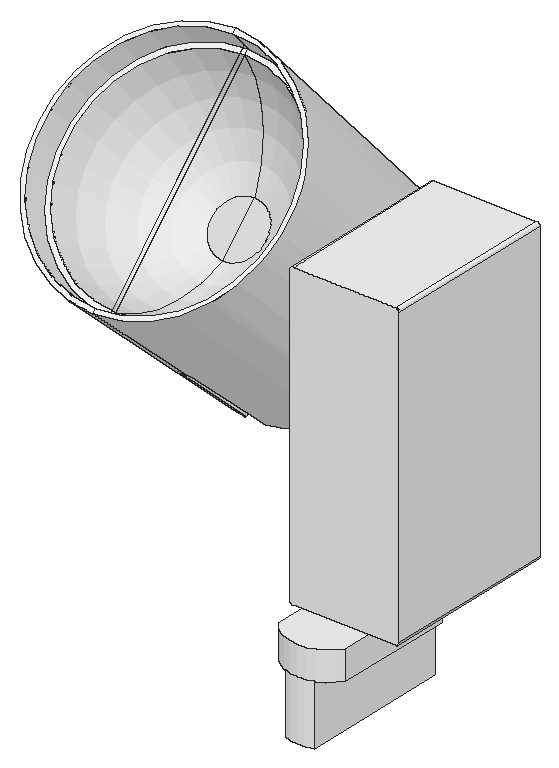
Revit family "0004867 Feilo Sylvania Lighting Fixture START TRACK SPOT L 35W 3K RA90 WB WHITE", category Lighting Fixtures, host Face, Revit 2017 (continued)
Definition of nested family "Start Track Spot Head"
  Types (96, lengths in mm): name | Wattage | built-in parameter 1150134 | Photometric Web File | Model | built-in parameter 1150105 | Lumens | built-in parameter 1150107 | built-in parameter 1150106 | HeadThickness_FEILO | HeadRibOffset_FEILO | HeadRibDepth_FEILO | HeadRibCutWidth_FEILO | HeadRibCutOffset_FEILO | HeadReflectorRadius_FEILO | HeadReflectorOffset_FEILO | HeadLEDRadius_FEILO | HeadHeight_FEILO | HeadDiffusorOffset_FEILO | HeadDiaOut_FEILO | HeadDiaIn_FEILO | HeadAxisFromTop_FEILO | Emit from Circle Diameter | built-in parameter 1150104 | Description | Apparent Load
    0004812 START TRACK SPOT S 14W 3K RA80 MB WHITE | 14 W | (empty or 0) | "0004812.ies" | "START TRACK SPOT S 14W 3K RA80 MB WHITE" | 120.32 (stored number, unit not read) | 1512 lm | 3000 (stored number, unit not read) | 1.2032 (stored number, unit not read) | 1.5 | 4.179 | 55.714 | 7.167 | 50.87 | 50.588 | 55.714 | 9.556 | 117 | 9.435 | 86 | 77.477 | 69.354 | 77.477 | 10.034 (stored number, unit not read) | "Integrated LED spotlight, Textured White - RAL9016, compact and minimalist design, ideal for retail applications, die-cast aluminium body, passive cooling heatsink. Beam angle: 36°, color temperature: 3000K , total system power: 14W, total fixture output: 1508 lm, LOR: 100%, colour rendering: Ra: 80 typical, LED Chromaticity: 3 step MacAdam ellipse, lifetime: >50000 hours at L70B50, energy class: A++, A+, A, IR/UV free light source without heat radiation, operating voltage: 220-240V / 50-60Hz, drive current: 350mA, electronic driver, non-dimmable, power factor: 0.92, electrical protection: Class II, Global Track 3 Phase adapter suitable for Global trac 3-circuit tracks, ingress protection rating: IP20, suitable for internal environment only, horizontal rotation: 355°, vertical tilt: 90°, dimensions: Ø86x140x200, weight: 0.940kg." | 14 VA
    0004811 START TRACK SPOT S 14W 3K RA80 NB WHITE | 14 W | (empty or 0) | "0004811.ies" | "START TRACK SPOT S 14W 3K RA80 NB WHITE" | 123.66 (stored number, unit not read) | 1554 lm | 3000 (stored number, unit not read) | 1.2366 (stored number, unit not read) | 1.5 | 4.179 | 55.714 | 7.167 | 50.87 | 50.588 | 55.714 | 9.556 | 117 | 9.435 | 86 | 77.477 | 69.354 | 77.477 | 10.312 (stored number, unit not read) | "Integrated LED spotlight, Textured White - RAL9016, compact and minimalist design, ideal for retail applications, die-cast aluminium body, passive cooling heatsink. Beam angle: 12°, color temperature: 3000K , total system power: 14W, total fixture output: 1551 lm, LOR: 100%, colour rendering: Ra: 80 typical, LED Chromaticity: 3 step MacAdam ellipse, lifetime: >50000 hours at L70B50, energy class: A++, A+, A, IR/UV free light source without heat radiation, operating voltage: 220-240V / 50-60Hz, drive current: 350mA, electronic driver, non-dimmable, power factor: 0.92, electrical protection: Class II, Global Track 3 Phase adapter suitable for Global trac 3-circuit tracks, ingress protection rating: IP20, suitable for internal environment only, horizontal rotation: 355°, vertical tilt: 90°, dimensions: Ø86x140x200, weight: 0.940kg." | 14 VA
  Reference planes
    plane 1 "Center (Front/Back)": y = 0
    plane 2: z = 0
    plane 3 "Center (Left/Right)": x = 0
    plane 4: x = 43
    plane 5: x = -43
    plane 6: x = -38.739
    plane 7: x = 38.739
    plane 8: z = 69.354
    plane 9: z = -47.646
    plane 10: x = -41.5
    plane 11: x = -37.239
    plane 12: z = -38.211
    plane 13: z = -35.211
    plane 14: z = 8.068
    plane 15: x = -9.556
    plane 16: x = -28.667
    plane 17: x = -19.111
    plane 18: x = -27.167
    plane 19: x = -17.611
    plane 20: x = -8.056
    plane 21: z = 13.64
    plane 22: x = -29.667
    plane 23: x = -26.167
    plane 24: x = -20.111
    plane 25: x = -16.611
    plane 26: x = -10.556
    plane 27: x = -7.056
    plane 28: x = -36.239
    plane 29: x = -40.5
    plane 30: z = 65.175
    plane 31: z = 60.997
    plane 32: z = 56.818
    plane 33: z = 18.484
    plane 34: y = -43
    plane 35: y = 43
    plane 36: y = 3.583
    plane 37: y = -3.583
    plane 38: y = -2.583
    plane 39: y = 2.583
    plane 40: y = 46
    plane 41: z = 13.5
    plane 42: z = -13.5
    plane 43: y = 39
    plane 44: x = 4.708
    plane 45: x = -2.458
    plane 46: x = -1.458
    plane 47: x = 1.458
  Forms (mm)
    Extrusion 1, solid
      sketch origin (4.2, 0, 0) x (1, 0, 0) y (0, 1, 0)
        loop
          line (-1219.2, 1219.2) -> (-1219.2, -1219.2) -> (1219.2, -1219.2) -> (1219.2, 1219.2) -> (-1219.2, 1219.2)
      from 0 to -68.017
    Revolve 2, solid, material <- "Material_1_FEILO", detail levels medium+fine
      sketch origin (0, 0, 0) x (1, 0, 0) y (0, 0, 1)
        loop
          line (-43, -47.646) -> (-41.5, -47.646) -> (-40.5, -35.211) -> (-38.739, -35.211)
          arc (-38.739, -35.211) -> (-30.16, -9.517) -> (-9.556, 8.068) r 50.588
          line (-9.556, 8.068) -> (0, 8.068) -> (0, 13.64) -> (-16.611, 13.64) -> (-17.611, 60.997) -> (-19.111, 60.997) -> (-20.111, 13.64) -> (-36.239, 13.64) -> (-37.239, 69.354) -> (-38.739, 69.354) -> (-43, -47.646)
        axis (0, 69.354) -> (0, -47.646)
      angle from 360 to 0
    Extrusion 3, void
      sketch origin (0, 0, 0) x (0, 1, 0) y (0, 0, 1)
        loop
          line (-3.583, 69.354) -> (-2.583, 18.484) -> (1.932, 18.484) -> (2.932, 69.354) -> (-3.583, 69.354)
      from 43 to -43
    Revolve 4, solid, material <- "Material_2_FEILO", detail levels medium+fine
      sketch origin (0, 0, 0) x (1, 0, 0) y (0, 0, 1)
        loop
          line (-41.5, -38.211) -> (0, -38.211) -> (0, -35.211) -> (-41.5, -35.211) -> (-41.5, -38.211)
        axis (0, -35.211) -> (0, -38.211)
      angle from 360 to 0
    Revolve 5, solid, material <- "Material_1_FEILO"
      sketch origin (0, 0, 0) x (0, 1, 0) y (0, 0, 1)
        loop
          line (46, 0) -> (39, 0) -> (39, -13.5) -> (46, -13.5) -> (46, 0)
        axis (39, 0) -> (46, 0)
      angle from 360 to 0
    Revolve 6, solid, material <- "Material_1_FEILO", detail levels medium+fine
      sketch origin (0, 0, 0) x (1, 0, 0) y (0, 0, 1)
        loop
          line (-29.667, 13.64) -> (-26.167, 13.64) -> (-27.167, 65.175) -> (-28.667, 65.175) -> (-29.667, 13.64)
        loop
          line (-10.556, 13.64) -> (-7.056, 13.64) -> (-7.833, 56.818) -> (-9.778, 56.818) -> (-10.556, 13.64)
        axis (0, 65.175) -> (0, 13.64)
      angle from 360 to 0
    Extrusion 7, void
      sketch origin (0, 0, 0) x (1, 0, 0) y (0, 0, 1)
        loop
          line (4.708, 69.354) -> (-2.458, 69.354) -> (-1.458, 13.64) -> (1.458, 13.64) -> (4.708, 69.354)
      from -43 to 43
    Revolve 8, solid, material <- "Material_1_FEILO", detail levels coarse
      sketch origin (0, 0, 0) x (1, 0, 0) y (0, 0, 1)
        loop
          line (0, 69.354) -> (-38.739, 69.354) -> (-43, -47.646) -> (-41.5, -47.646) -> (-40.731, -38.211) -> (0, -38.211) -> (0, 69.354)
        axis (0, 69.354) -> (0, -47.646)
      angle from 360 to 0
  Cuts and joins
    Extrusion 3 cuts Revolve 2
    Extrusion 7 cuts Revolve 6
  Dimensions and locks
    equal spacing: plane 7, plane 3 "Center (Left/Right)", plane 6
    equal spacing: plane 4, plane 3 "Center (Left/Right)", plane 5
    "HeadDiaOut_FEILO": plane 4 to plane 5
    "HeadDiaIn_FEILO": plane 7 to plane 6
    "HeadHeight_FEILO": plane 8 to plane 9
    "HeadThickness_FEILO": plane 10 to plane 5
    "HeadThickness_FEILO": plane 11 to plane 6
    "HeadDiffusorOffset_FEILO": plane 12 to plane 9
    "HeadDiffusorThickness_FEILO": plane 13 to plane 12
    "HeadReflectorOffset_FEILO": plane 14 to plane 9
    "HeadLEDRadius_FEILO": plane 3 "Center (Left/Right)" to plane 15
    "HeadLEDRadius_FEILO": plane 15 to plane 17
    "HeadLEDRadius_FEILO": plane 17 to plane 16
    "HeadThickness_FEILO": plane 18 to plane 16
    "HeadThickness_FEILO": plane 19 to plane 17
    "HeadThickness_FEILO": plane 20 to plane 15
    "HeadRibDepth_FEILO": plane 8 to plane 21
    "HeadDraft_FEILO": plane 16 to plane 22
    "HeadDraft_FEILO": plane 23 to plane 18
    "HeadDraft_FEILO": plane 17 to plane 24
    "HeadDraft_FEILO": plane 25 to plane 19
    "HeadDraft_FEILO": plane 15 to plane 26
    "HeadDraft_FEILO": plane 27 to plane 20
    "HeadDraft_FEILO": plane 29 to plane 10
    "HeadDraft_FEILO": plane 28 to plane 11
    "HeadRibOffset_FEILO": plane 8 to plane 30
    "HeadRibOffset_FEILO": plane 30 to plane 31
    "HeadRibOffset_FEILO": plane 31 to plane 32
    "HeadAxisFromTop_FEILO": plane 8 to plane 2
    "HeadRibCutOffset_FEILO": plane 8 to plane 33
    equal spacing: plane 34, plane 1 "Center (Front/Back)", plane 35
    "HeadDiaOut_FEILO": plane 34 to plane 35
    equal spacing: plane 38, plane 1 "Center (Front/Back)", plane 39
    equal spacing: plane 37, plane 1 "Center (Front/Back)", plane 36
    "HeadRibCutWidth_FEILO": plane 37 to plane 36
    "HeadDraft_FEILO": plane 37 to plane 38
    locked: plane 35 to plane 40 at 3
    equal spacing: plane 41, plane 2, plane 42
    locked: plane 42 to plane 41 at 27
    locked: plane 43 to plane 35 at 4
    equal spacing: plane 45, imposter light, plane 44
    "HeadDraft_FEILO": plane 46 to plane 45
    "HeadRibCutWidth_FEILO": plane 44 to plane 45
    equal spacing: plane 47, plane 3 "Center (Left/Right)", plane 46
    "HeadReflectorRadius_FEILO": radius of Revolve 2 sketch curve
    aligned and locked: plane 2 to Extrusion 1
    aligned and locked: level to Extrusion 1
    aligned and locked: Revolve 2 sketch curve to plane 3 "Center (Left/Right)"  (x2)
    aligned and locked: plane 9 to Revolve 2 sketch curve  (x2)
    aligned and locked: plane 5 to Revolve 2 sketch curve
    aligned and locked: plane 10 to Revolve 2 sketch curve
    aligned and locked: plane 14 to Revolve 2 sketch curve
    aligned and locked: plane 8 to Revolve 2 sketch curve
    aligned and locked: Revolve 2 sketch curve to plane 13
    aligned and locked: plane 12 to Revolve 4 sketch curve
    aligned and locked: plane 3 "Center (Left/Right)" to Revolve 4 sketch curve
    aligned and locked: Revolve 4 sketch curve to plane 10
    aligned and locked: Revolve 4 sketch curve to plane 3 "Center (Left/Right)"
    aligned and locked: plane 12 to imposter light
    aligned and locked: imposter light to plane 1 "Center (Front/Back)"
    aligned and locked: Revolve 5 sketch curve to plane 2
    aligned and locked: plane 43 to Revolve 5 sketch curve
    aligned and locked: plane 42 to Revolve 5 sketch curve
    aligned and locked: Revolve 6 sketch curve to plane 3 "Center (Left/Right)"
    aligned and locked: plane 22 to Revolve 6 sketch curve
    aligned and locked: plane 30 to Revolve 6 sketch curve
    aligned and locked: plane 23 to Revolve 6 sketch curve
    aligned and locked: Revolve 6 sketch curve to plane 21  (x2)
    aligned and locked: plane 21 to Revolve 6 sketch curve
    aligned and locked: plane 17 to Revolve 2 sketch curve
    aligned and locked: plane 19 to Revolve 2 sketch curve
    aligned and locked: plane 31 to Revolve 2 sketch curve
    aligned and locked: plane 21 to Revolve 2 sketch curve
    aligned and locked: Extrusion 3 to plane 8
    aligned and locked: plane 33 to Extrusion 3
    aligned and locked: plane 8 to Extrusion 3 sketch curve
    aligned and locked: Extrusion 3 sketch curve to plane 33
    aligned and locked: Extrusion 3 to plane 5
    aligned and locked: plane 4 to Extrusion 3
    aligned and locked: plane 32 to Revolve 6 sketch curve
    aligned and locked: plane 44 to Extrusion 7 sketch curve
    aligned and locked: Extrusion 7 sketch curve to plane 8
    aligned and locked: plane 46 to Extrusion 7 sketch curve
    aligned and locked: plane 21 to Extrusion 7 sketch curve
    aligned and locked: plane 34 to Extrusion 7
    aligned and locked: Extrusion 7 to plane 35
    aligned and locked: Revolve 4 sketch curve to plane 13
    aligned and locked: Revolve 5 sketch curve to plane 40
    aligned and locked: Revolve 8 sketch curve to plane 3 "Center (Left/Right)"
    aligned and locked: Revolve 8 sketch curve to cut or joined group of Revolve 2, Extrusion 3  (x3)
    aligned and locked: plane 5 to Revolve 8 sketch curve
    aligned and locked: plane 3 "Center (Left/Right)" to Revolve 8 sketch curve
    aligned and locked: plane 12 to Revolve 8 sketch curve
  Automatic sketch dimensions
    Extrusion 1 sketch curve to Extrusion 1 sketch curve = 2438.4 mm  (x2)
    Extrusion 3 sketch curve to plane 37 = 0 mm
    Extrusion 3 sketch curve to plane 38 = 0 mm
    plane 39 to Extrusion 3 sketch curve = 0.651 mm
    Extrusion 3 sketch curve to plane 39 = 0.349 mm
    Revolve 6 sketch curve to plane 16 = 0 mm
    Revolve 6 sketch curve to plane 18 = 0 mm
    Revolve 6 sketch curve to plane 26 = 0 mm
    Revolve 6 sketch curve to plane 27 = 0 mm
    Revolve 6 sketch curve to plane 15 = 0.222 mm
    plane 9 to Revolve 6 sketch curve = 559.103 mm
    Revolve 6 sketch curve to plane 8 = 2535.555 mm
    plane 20 to Revolve 6 sketch curve = 0.222 mm
    Revolve 2 sketch curve to plane 29 = 0 mm
    Revolve 2 sketch curve to plane 6 = 0 mm  (x2)
    Revolve 2 sketch curve to plane 11 = 0 mm
    Revolve 2 sketch curve to plane 21 = 0 mm
    Revolve 2 sketch curve to plane 28 = 0 mm
    Revolve 2 sketch curve to plane 24 = 0 mm
    Revolve 2 sketch curve to plane 25 = 0 mm
    Revolve 2 sketch curve to plane 15 = 0 mm
    Revolve 2 sketch curve to Revolve 2 sketch curve = 557.155 mm
    Revolve 2 sketch curve to plane 8 = 2535.558 mm
    Extrusion 7 sketch curve to plane 45 = 0 mm
    Extrusion 7 sketch curve to plane 47 = 0 mm
    plane 9 to Revolve 4 sketch curve = 559.103 mm
    Revolve 4 sketch curve to plane 8 = 2535.555 mm
    Revolve 5 sketch curve to level = 0 mm
    plane 34 to Revolve 5 sketch curve = 1968.092 mm
    Revolve 5 sketch curve to plane 40 = 1405.763 mm
    Revolve 8 sketch curve to plane 6 = 0 mm
    Revolve 8 sketch curve to plane 29 = 0.231 mm
    plane 9 to Revolve 8 sketch curve = 559.103 mm
    Revolve 8 sketch curve to Revolve 8 sketch curve = 2535.555 mm
Definition of nested family "Start Track Spot Box"
  Parameters (values of type "Type Large White")
    URL = "http://www.feilosylvania.com"
    Type Image = (empty or 0)
    Type Comments = "n/a"
    Small_FEILO = no
    Material_3_FEILO = none
    Model = ""
    Manufacturer = "Feilo Sylvania"
    Keynote = ""
    Material_2_FEILO = none
    Description = ""
    Default Elevation = 1219.2 mm
    Cost = 0
    Material_1_FEILO = none
    BoxWidth_FEILO = 49 mm
    BoxStartAngle_FEILO [instance] = 0.00°
    BoxRadius_FEILO = 1.5 mm
    BoxHeight_FEILO = if(Small_FEILO, 112 mm, 136 mm)  # 136 mm
    BoxEndAngle_FEILO [instance] = BoxStartAngle_FEILO - 180.00°  # -180.00°
    BoxDepth_FEILO = if(Small_FEILO, 71.5 mm, 79 mm)  # 79 mm
    BoxAxisVerticalOffset_FEILO = 16 mm
    BoxAxisOffset_FEILO = BoxHeight_FEILO / 6.8  # 20 mm
    Assembly Code = ""
    Material_4_FEILO = none
  Types (4, lengths in mm): name | Small_FEILO | BoxHeight_FEILO | BoxDepth_FEILO | BoxAxisOffset_FEILO
    Type Large White | no | 136 | 79 | 20
    Type Small White | yes | 112 | 71.5 | 16.471
    Type Small Black | yes | 112 | 71.5 | 16.471
    Type Large Black | no | 136 | 79 | 20
  Reference planes
    plane 1 "Center (Front/Back)": y = 0
    plane 2: z = 0
    plane 3 "Center (Left/Right)": x = 0
    plane 4: x = 24.5
    plane 5: x = -24.5
    plane 6: y = 68
    plane 7: y = -68
    plane 8: z = 39.5
    plane 9: z = -39.5
    plane 10: y = -48
    plane 11: x = 30.5
    plane 12: x = 8.5
    plane 13: x = 21.5
    plane 14: y = 70
    plane 15: y = 72
    plane 16: x = 19.5
  Forms (mm)
    Extrusion 1, solid
      sketch origin (4.2, 0, 0) x (1, 0, 0) y (0, 1, 0)
        loop
          line (-1219.2, 1219.2) -> (-1219.2, -1219.2) -> (1219.2, -1219.2) -> (1219.2, 1219.2) -> (-1219.2, 1219.2)
      from 0 to -68.017
    Extrusion 2, solid, material <- "Material_1_FEILO"
      sketch origin (0, 0, 0) x (1, 0, 0) y (0, 1, 0)
        loop
          arc (-23, 68) -> (-24.061, 67.561) -> (-24.5, 66.5) r 1.5
          line (-24.5, 66.5) -> (-24.5, -66.5)
          arc (-24.5, -66.5) -> (-24.061, -67.561) -> (-23, -68) r 1.5
          line (-23, -68) -> (23, -68)
          arc (23, -68) -> (24.061, -67.561) -> (24.5, -66.5) r 1.5
          line (24.5, -66.5) -> (24.5, 66.5)
          arc (24.5, 66.5) -> (24.061, 67.561) -> (23, 68) r 1.5
          line (23, 68) -> (-23, 68)
      from -39.5 to 39.5
    Revolve 3, solid, not visible
      sketch origin (0, 0, 0) x (1, 0, 0) y (0, 1, 0)
        loop
          line (30.5, -48) -> (24.5, -48) -> (24.5, -68) -> (30.5, -68) -> (30.5, -48)
        axis (30.5, -48) -> (24.5, -48)
      angle from 0 <- "BoxStartAngle_FEILO" to -180 <- "BoxEndAngle_FEILO"
    Revolve 4, solid, material <- "Material_2_FEILO"
      sketch origin (0, 0, 0) x (1, 0, 0) y (0, 1, 0)
        loop
          line (8.5, 68) -> (19.5, 68) -> (19.5, 70) -> (21.5, 70) -> (21.5, 72) -> (8.5, 72) -> (8.5, 68)
        axis (8.5, 72) -> (8.5, 68)
      angle from 360 to 0
  Dimensions and locks
    equal spacing: plane 5, plane 3 "Center (Left/Right)", plane 4
    "BoxWidth_FEILO": plane 5 to plane 4
    equal spacing: plane 7, plane 1 "Center (Front/Back)", plane 6
    "BoxHeight_FEILO": plane 7 to plane 6
    equal spacing: plane 8, plane 2, plane 9
    "BoxDepth_FEILO": plane 8 to plane 9
    "BoxAxisOffset_FEILO": plane 7 to plane 10
    locked: plane 4 to plane 11 at 6
    "BoxAxisVerticalOffset_FEILO": plane 12 to plane 4
    locked: plane 12 to plane 13 at 13
    plane 6 to plane 14 to plane 15 = 2 mm locked, 2 mm locked
    locked: plane 12 to plane 16 at 11
    "BoxRadius_FEILO": radius of Extrusion 2 sketch curve  (x4)
    aligned and locked: plane 2 to Extrusion 1
    aligned and locked: level to Extrusion 1
    aligned and locked: plane 6 to Extrusion 2 sketch curve
    aligned and locked: plane 5 to Extrusion 2 sketch curve
    aligned and locked: Extrusion 2 sketch curve to plane 7
    aligned and locked: Extrusion 2 sketch curve to plane 4
    aligned and locked: Extrusion 2 to plane 8
    aligned and locked: plane 9 to Extrusion 2
    aligned and locked: Revolve 3 sketch curve to plane 10  (x2)
    aligned and locked: plane 11 to Revolve 3 sketch curve
    aligned and locked: Revolve 3 sketch curve to plane 4
    aligned and locked: plane 7 to Revolve 3 sketch curve
    aligned and locked: Revolve 4 sketch curve to plane 12
    aligned and locked: plane 6 to Revolve 4 sketch curve
    aligned and locked: plane 12 to Revolve 4 sketch curve
    aligned and locked: plane 15 to Revolve 4 sketch curve
    aligned and locked: Revolve 4 sketch curve to plane 13
    aligned and locked: Revolve 4 sketch curve to plane 14
    aligned and locked: Revolve 4 sketch curve to plane 16
    aligned and locked: Revolve 4 sketch curve to plane 6
  Automatic sketch dimensions
    Extrusion 1 sketch curve to Extrusion 1 sketch curve = 2438.4 mm  (x2)
    Revolve 3 sketch curve to plane 5 = 1499.5 mm
    plane 11 to Revolve 3 sketch curve = 1493.5 mm
    plane 15 to Revolve 4 sketch curve = 0 mm
    plane 7 to Revolve 4 sketch curve = 1456 mm
    Revolve 4 sketch curve to plane 15 = 1452 mm
